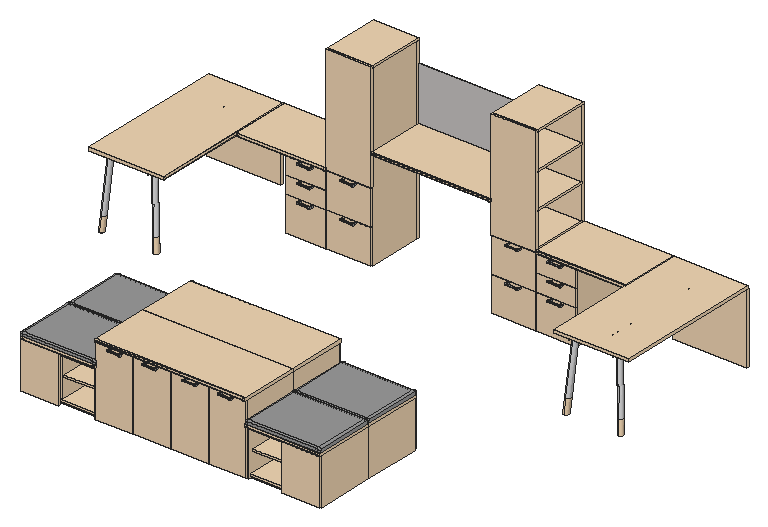
Revit family "JSI-Vision-Typical_Laminate-VST110", category Furniture, Revit 2020 (continued)
Definition of nested family "JSI-Vision-Modular_Door_Pedestal"
  Forms (in)
    Extrusion 8, solid, material <- "Chassis"
      sketch origin (15.815, -23.25, 48) x (0, 1, 0) y (0, 0, 1)
        loop
          line (5.25, -46.8125) -> (22.8125, -46.8125) -> (22.8125, -46.0625) -> (5.25, -46.0625) -> (5.25, -46.8125)
      from -14.94 to 13.31
    Extrusion 9, solid, material <- "Chassis"
      sketch origin (15.815, -23.25, 48) x (0, 1, 0) y (0, 0, 1)
        loop
          line (6.8125, -32.64469) -> (6.8125, -33.39469) -> (22.8125, -33.39469) -> (22.8125, -32.64469) -> (6.8125, -32.64469)
      from -14.94 to 13.31
  Lines and regions (in)
    symbolic lines
      curve 1: line (0.125, -0.1875, 0) -> (0.125, -18.875, 0)
      curve 2: line (0.125, -18.875, 0) -> (0.875, -18.875, 0)
      curve 3: line (0.875, -18.875, 0) -> (0.875, -0.1875, 0)
      curve 4: line (29.875, -0.1875, 0) -> (29.875, -18.875, 0)
      curve 5: line (29.875, -18.875, 0) -> (29.125, -18.875, 0)
      curve 6: line (29.125, -18.875, 0) -> (29.125, -0.1875, 0)
      curve 7: line (0.875, -9.61516, 0) -> (29.125, -9.61516, 0)
      curve 8: line (0.875, -14.61516, 0) -> (29.125, -14.61516, 0)
      curve 9: line (0.1875, -19, 0) -> (0.1875, -19.75, 0)
      curve 10: line (0.1875, -19.75, 0) -> (14.9375, -19.75, 0)
      curve 11: line (14.9375, -19.75, 0) -> (14.9375, -19, 0)
      curve 12: line (14.9375, -19, 0) -> (0.1875, -19, 0)
      curve 13: line (15.0625, -19, 0) -> (15.0625, -19.75, 0)
      curve 14: line (15.0625, -19.75, 0) -> (29.8125, -19.75, 0)
      curve 15: line (29.8125, -19.75, 0) -> (29.8125, -19, 0)
      curve 16: line (29.8125, -19, 0) -> (15.0625, -19, 0)
      curve 17: line (0.875, -0.1875, 0) -> (0.125, -0.1875, 0)
      curve 18: line (29.875, -0.1875, 0) -> (29.125, -0.1875, 0)
      curve 19: line (29.125, -0.1875, 0) -> (0.875, -0.1875, 0)
      curve 20: line (0.875, -0.4375, 0) -> (29.125, -0.4375, 0)
  Dimensions and locks (in)
    "Width": plane 3 "Center Left/Right" to plane 5
    plane 3 "Center Left/Right" to plane 6 to plane 7 = 1/8" locked, 3/4" locked
    plane 10 to plane 9 to plane 1 "Center Front/Back" = 3/4" locked, 3/16" locked
    equal spacing: plane 3 "Center Left/Right", plane 11, plane 5
    plane 5 to plane 13 to plane 14 = 1/8" locked, 3/4" locked
    equal spacing: plane 7, plane 17, plane 16
    "Height": level to plane 12
    plane 24 to plane 23 to plane 25 to plane 27 to plane 26 = 5" locked, 4.25984" locked, 1/8" locked, 3/4" locked
    "Depth": plane 1 "Center Front/Back" to plane 28
    locked: plane 26 to plane 28 at 0.25
    equal spacing: plane 11, plane 20, plane 14
    plane 16 to plane 11 to plane 21 = 1/16" locked, 1/16" locked
    locked: plane 6 to plane 15 at 0.0625
    locked: plane 29 to plane 13 at 0.0625
    Extrusion 2 sketch curve to Extrusion 2 sketch curve to plane 27 = 3/4" locked, 1/4" locked
    locked: plane 4 to Extrusion 2 sketch curve at 1.875
    locked: plane 9 to Extrusion 7 sketch curve at 0.25
    plane 4 to Extrusion 8 sketch curve to Extrusion 8 sketch curve = 1 3/16" locked, 3/4" locked
    locked: Extrusion 8 sketch curve to plane 27 at 1
    locked: plane 9 to Extrusion 8 sketch curve at 0.25
    plane 19 to plane 18 to plane 12 = 0.74398" locked, 0.13805" locked
    locked: plane 10 to Extrusion 9 sketch curve at 15.5
    Extrusion 9 sketch curve to Extrusion 9 sketch curve to plane 4 = 3/4" locked, 14.60531" locked
    locked: plane 1 "Center Front/Back" to Extrusion 9 sketch curve at 0.4375
    aligned and locked: level to plane 2
    aligned and locked: plane 7 to Extrusion 1
    aligned and locked: Extrusion 3 to plane 14
    aligned and locked: Extrusion 2 to plane 7
    aligned and locked: Extrusion 2 to plane 14
    aligned and locked: plane 15 to Extrusion 4
    aligned and locked: Extrusion 4 to plane 16
    aligned and locked: nested 1 to plane 19
    aligned and locked: nested 1 to plane 17
    aligned and locked: nested 2 to plane 11
    aligned and locked: Extrusion 5 sketch curve to plane 18
    aligned and locked: plane 24 to Extrusion 5 sketch curve
    aligned and locked: Extrusion 5 sketch curve to plane 22
    aligned and locked: Extrusion 5 sketch curve to plane 23
    aligned and locked: Extrusion 5 to plane 7
    aligned and locked: Extrusion 5 to plane 14
    aligned and locked: plane 27 to Extrusion 4
    aligned and locked: Extrusion 4 to plane 26
    aligned and locked: plane 20 to nested 3
    aligned and locked: plane 19 to nested 3
    aligned and locked: Extrusion 6 to plane 26
    aligned and locked: plane 27 to Extrusion 6
    aligned and locked: plane 16 to Extrusion 4  (x3)
    aligned and locked: Extrusion 6 to plane 21
    aligned and locked: plane 21 to Extrusion 6  (x2)
    aligned and locked: Extrusion 4 to plane 15  (x2)
    aligned and locked: nested 1 to plane 26
    aligned and locked: plane 26 to nested 3
    aligned and locked: nested 3 to plane 26
    aligned and locked: curve 7 to Extrusion 5
    aligned and locked: curve 8 to Extrusion 5
    aligned and locked: nested 2 to plane 26
    aligned and locked: Extrusion 4 to plane 18
    aligned and locked: Extrusion 6 to plane 18
    aligned and locked: Extrusion 6 to plane 29
    aligned and locked: curve 13 to plane 21
    aligned and locked: curve 11 to plane 16
    aligned and locked: plane 4 to Extrusion 2 sketch curve
    aligned and locked: plane 9 to Extrusion 1
    aligned and locked: plane 9 to Extrusion 3
    aligned and locked: curve 6 to Extrusion 3
    aligned and locked: curve 17 to Extrusion 1
    aligned and locked: curve 18 to Extrusion 3
    aligned and locked: Extrusion 7 sketch curve to plane 9
    aligned and locked: plane 12 to Extrusion 7 sketch curve
    aligned and locked: plane 2 to Extrusion 7 sketch curve
    aligned and locked: Extrusion 7 to plane 7
    aligned and locked: Extrusion 7 to plane 14
    aligned and locked: curve 19 to Extrusion 7
    aligned and locked: curve 20 to Extrusion 7
    aligned and locked: Extrusion 8 to plane 7
    aligned and locked: Extrusion 8 to plane 14
    aligned and locked: Extrusion 9 to plane 7
    aligned and locked: Extrusion 9 to plane 14
  Automatic sketch dimensions
    plane 12 to Extrusion 1 sketch curve = 0"
    Extrusion 1 sketch curve to plane 25 = 0"
    Extrusion 1 sketch curve to level = 0"
    plane 10 to Extrusion 1 sketch curve = 3/4"
    plane 12 to Extrusion 3 sketch curve = 0"
    Extrusion 3 sketch curve to plane 25 = 0"
    Extrusion 3 sketch curve to level = 0"
    Extrusion 3 sketch curve to plane 10 = 3/4"
    Extrusion 4 sketch curve to plane 26 = 0"
    Extrusion 4 sketch curve to plane 27 = 0"
    level to Extrusion 4 sketch curve = 1/8"
    Extrusion 6 sketch curve to plane 26 = 0"
    Extrusion 6 sketch curve to plane 27 = 0"
    level to Extrusion 6 sketch curve = 1/8"
    plane 22 to Extrusion 4 sketch curve = 0.67445"
    plane 22 to Extrusion 6 sketch curve = 0.67445"
    Extrusion 1 sketch curve to Extrusion 1 sketch curve = 1.5756"
    plane 10 to Extrusion 3 sketch curve = 0.69082"
    curve 1 to plane 6 = 0"
    curve 12 to plane 15 = 0"
    curve 3 to plane 7 = 0"
    curve 16 to plane 27 = 0"
    curve 16 to plane 29 = 0"
    curve 5 to plane 25 = 0"
    curve 9 to plane 26 = 0"
    curve 15 to plane 26 = 0"
    curve 12 to plane 27 = 0"
    curve 1 to plane 25 = 0"
    curve 5 to plane 13 = 0"
  Nested families (in)
    nested 1: "Bar Pull" at (7.90625, -19.75, 27.11797), Pull Finish <- "Pull Finish", type "PL"
      with Pull Finish none
    nested 2: "Label 1-16" at (15, -19.75, 0), type "DRWCFG"
    nested 3: "Bar Pull" at (22.0625, -19.75, 27.11797) x (-1, 0, 0) z (0, 0, 1), Pull Finish <- "Pull Finish", type "PL"
      with Pull Finish none
  Definition of nested family "Bar Pull"
    Parameters
      Pull Finish [instance] = none
      Default Elevation = 0"
    Reference planes (in)
      plane 1 "Center Front/Back": y = 0
      plane 2: z = 0
      plane 3 "Center Left/Right": x = 0
      plane 4: x = -2.68731
      plane 5: x = -1.88731
      plane 6: x = 2.68731
      plane 7: x = 1.88731
      plane 8: y = -1
      plane 9: y = -0.85202
    Forms (in)
      Extrusion 1, solid, material <- "Pull Finish"
        sketch origin (0, 0, 0) x (0, 1, 0) y (0, 0, 1)
          loop
            line (0, -0.2015) -> (0, 0.2015) -> (-0.85202, 0.2015)
            arc (-0.85202, 0.2015) -> (-0.75, 0) -> (-0.85202, -0.2015) r 0.25
            line (-0.85202, -0.2015) -> (0, -0.2015)
        from 1.88731 to 2.68731
      Extrusion 2, solid, material <- "Pull Finish"
        sketch origin (0, 0, 0) x (0, 1, 0) y (0, 0, 1)
          loop
            circle (-1, 0) r 0.25
        from -2.68731 to 2.68731
      Extrusion 3, solid, material <- "Pull Finish"
        sketch origin (0, 0, 0) x (0, 1, 0) y (0, 0, -1)
          loop
            line (0, 0.2015) -> (-0.85202, 0.2015)
            arc (-0.85202, 0.2015) -> (-0.75, 0) -> (-0.85202, -0.2015) r 0.25
            line (-0.85202, -0.2015) -> (0, -0.2015) -> (0, 0.2015)
        from 1.88731 to 2.68731
    Dimensions and locks (in)
      plane 4 to plane 5 to plane 3 "Center Left/Right" to plane 7 to plane 6 = 0.8" locked, 1.88731" locked, 1.88731" locked, 0.8" locked
      plane 8 to plane 9 to plane 1 "Center Front/Back" = 0.14798" locked, 0.85202" locked
      aligned and locked: level to plane 2
      aligned and locked: plane 4 to Extrusion 3
      aligned and locked: Extrusion 3 to plane 5
      aligned and locked: plane 4 to Extrusion 2
      aligned and locked: Extrusion 1 to plane 7
      aligned and locked: plane 6 to Extrusion 1
      aligned and locked: plane 6 to Extrusion 2
      aligned and locked: plane 8 to Extrusion 2 sketch curve
      aligned and locked: Extrusion 3 to plane 1 "Center Front/Back"
      aligned and locked: Extrusion 1 to plane 1 "Center Front/Back"
      aligned and locked: plane 5 to Extrusion 3
      aligned and locked: Extrusion 3 to plane 4
      aligned and locked: Extrusion 2 to plane 4
      aligned and locked: plane 7 to Extrusion 1
      aligned and locked: Extrusion 1 to plane 6
      aligned and locked: Extrusion 2 to plane 6
  Definition of nested family "Label 1-16"
    Parameters
      Width = 1"
      Model Name = "2 Drw - 2 Drs"
    Reference planes (in)
      plane 1: y = 0
      plane 2: x = 0
    Text (in)
      label "XX" at (0.00051, -0.12324, 0), shows "Model Name"
Definition of nested family "JSI-Vision-Rectangle_Desk_Top"
  Parameters (values of type "Type Catalog")
    Worksurface = none
    Width = 42"
    URL = "www.jsifurniture.com"
    Type Comments = ""
    Series = "Vision Casegoods"  # constant formula
    Model = "Type Catalog"
    Material = ""
    Manufacturer = "JSI"  # constant formula
    Keynote = "12500"
    JSI Enviromental Website = "http://www.jsifurniture.com/jsi_sustainability_intro.php"
    Height = 30"
    Description = "Type Catalog"
    Depth = 30"
    Default Elevation = 0"
    Assembly Code = "E2020200"
  Reference planes (in)
    plane 1 "Center Front/Back": y = 0
    plane 2: z = 0
    plane 3 "Center Left/Right": x = 0
    plane 4: z = 0
    plane 5: x = 42
    plane 6: y = -30
    plane 7: z = 31.1875
    plane 8: z = 30
  Forms (in)
    Extrusion 1, solid, material <- "Worksurface"
      sketch origin (0, 0, 28) x (0, 1, 0) y (0, 0, 1)
        loop
          line (-29.88189, 2) -> (0, 2) -> (0, 3.1875) -> (-29.88189, 3.1875)
          arc (-29.88189, 3.1875) -> (-29.96541, 3.15291) -> (-30, 3.06939) r 0.11811
          line (-30, 3.06939) -> (-30, 2.11811)
          arc (-30, 2.11811) -> (-29.96541, 2.03459) -> (-29.88189, 2) r 0.11811
      from 0 to 42
  Lines and regions (in)
    symbolic lines
      curve 1: line (0, 0, 0) -> (42, 0, 0)
      curve 2: line (0, -30, 0) -> (0, 0, 0)
      curve 3: line (42, -30, 0) -> (0, -30, 0)
      curve 4: line (42, 0, 0) -> (42, -30, 0)
  Dimensions and locks (in)
    "Depth": plane 6 to plane 1 "Center Front/Back"
    "Width": plane 5 to plane 3 "Center Left/Right"
    locked: plane 7 to plane 8 at 1.1875
    "Height": plane 8 to level
    aligned and locked: level to plane 2
    aligned and locked: plane 5 to Extrusion 1
    aligned and locked: curve 1 to Extrusion 1
    aligned and locked: curve 2 to Extrusion 1
    aligned and locked: plane 6 to curve 3
    aligned and locked: curve 4 to plane 5
    aligned and locked: Extrusion 1 to plane 8
    aligned and locked: Extrusion 1 to plane 7
  Automatic sketch dimensions
    Extrusion 1 sketch curve to plane 6 = 0"
    level to Extrusion 1 sketch curve = 30"
    Extrusion 1 sketch curve to plane 7 = 0"
    Extrusion 1 sketch curve to plane 1 "Center Front/Back" = 0"
    Extrusion 1 sketch curve to Extrusion 1 sketch curve = 0.11811"
    plane 6 to Extrusion 1 sketch curve = 0.11811"
Definition of nested family "JSI-Vision-Sliding_Door_Modular_Bench_Pedestal"
  Parameters (values of type "Type Catalog")
    Width = 30"
    URL = "www.jsifurniture.com"
    Top = none
    Tag = "DOOR"
    Series = "Vision Casegoods"  # constant formula
    Model = "Type Catalog"
    Manufacturer = "JSI"  # constant formula
    Keynote = "12500"
    JSI Enviromental Website = "http://www.jsifurniture.com/jsi_sustainability_intro.php"
    Height = 18 3/4"
    Door Front = none
    Description = "Type Catalog"
    Depth = 18"
    Default Elevation = 0"
    Chassis = none
    Assembly Code = "E2020200"
  Reference planes (in)
    plane 1 "Center Front/Back": y = 0
    plane 2: z = 0
    plane 3 "Center Left/Right": x = 0
    plane 4: x = 30
    plane 5: x = 0.18716
    plane 6: x = 29.81244
    plane 7: z = 10.33219
    plane 8: x = 0.75
    plane 9: x = 29.126
    plane 10: y = -0.8125
    plane 11: y = -17.25
    plane 12: x = 15
    plane 13: z = 18.75
    plane 14: z = 18.6409
    plane 15: z = 9.58219
    plane 16: z = 1.9375
    plane 17: z = 1.1875
    plane 18: y = -17
    plane 19: y = -18
    plane 20: x = 14.625
    plane 21: x = 15.375
    plane 22: y = -16.125
    plane 23: y = -15.1875
    plane 24: y = -15.9375
    plane 25: z = 1
    plane 26: z = 18
  Forms (in)
    Extrusion 1, solid, material <- "Chassis"
      sketch origin (0.125, -0.1875, 48) x (0, 1, 0) y (0, 0, 1)
        loop
          line (0.1875, -29.25) -> (-17.0625, -29.25) -> (-17.0625, -48) -> (0.1875, -48) -> (0.1875, -29.25)
      from -0.125 to 0.625
    Extrusion 2, solid, material <- "Chassis"
      sketch origin (29.875, -0.1875, 48) x (0, 1, 0) y (0, 0, 1)
        loop
          line (0.1875, -29.25) -> (-17.0625, -29.25) -> (-17.0625, -48) -> (0.1875, -48) -> (0.1875, -29.25)
      from -0.749 to 0.125
    Extrusion 3, solid, material <- "Chassis"
      sketch origin (0, 0, 0) x (1, 0, 0) y (0, 1, 0)
        loop
          line (0.75, -15.1875) -> (0.75, -15.9375) -> (29.126, -15.9375) -> (29.126, -15.1875) -> (0.75, -15.1875)
      from 0 to 1.1875
    Extrusion 4, solid, material <- "Chassis"
      sketch origin (0, 0, 0) x (0, 1, 0) y (0, 0, 1)
        loop
          line (0, 18) -> (0, 18.75) -> (-17.25, 18.75) -> (-17.25, 18) -> (0, 18)
        loop
          line (0, 1.1875) -> (0, 1.9375) -> (-17, 1.9375) -> (-17, 1.1875) -> (0, 1.1875)
      from 0.75 to 29.126
    Extrusion 5, solid, material <- "Door Front"
      sketch origin (0, 0, 0) x (0, 1, 0) y (0, 0, 1)
        loop
          line (-17.25, 18.6409) -> (-18, 18.6409) -> (-18, 0.25) -> (-17.25, 0.25) -> (-17.25, 18.6409)
      from 0.18716 to 15.375
    Extrusion 6, solid, material <- "Chassis"
      sketch origin (0, 0, 0) x (0, 1, 0) y (0, 0, 1)
        loop
          line (-0.25, 9.58219) -> (-0.25, 10.33219) -> (-15.75, 10.33219) -> (-15.75, 9.58219) -> (-0.25, 9.58219)
      from 0.75 to 14.625
    Extrusion 7, solid, material <- "Chassis"
      sketch origin (0, 0, 0) x (0, 1, 0) y (0, 0, 1)
        loop
          line (0, 18) -> (-16.125, 18) -> (-16.125, 1.9375) -> (0, 1.9375) -> (0, 18)
      from 14.625 to 15.375
    Extrusion 8, solid, material <- "Chassis"
      sketch origin (30, 0, 0) x (0, 1, 0) y (0, 0, -1)
        loop
          line (-0.25, -9.58219) -> (-15.75, -9.58219) -> (-15.75, -10.33219) -> (-0.25, -10.33219) -> (-0.25, -9.58219)
      from 0.874 to 14.625
    Extrusion 9, solid, material <- "Chassis"
      sketch origin (0, 0, 0) x (1, 0, 0) y (0, 1, 0)
        loop
          line (0.75, 0) -> (0.75, -0.25) -> (14.625, -0.25) -> (14.625, 0) -> (0.75, 0)
        loop
          line (15.375, 0) -> (15.375, -0.25) -> (29.126, -0.25) -> (29.126, 0) -> (15.375, 0)
      from 1.9375 to 18
  Lines and regions (in)
    symbolic lines
      curve 1: line (0, 0, 0) -> (30, 0, 0)
      curve 2: line (0, -17.875, 0) -> (0, 0, 0)
      curve 3: line (30, -17.875, 0) -> (0, -17.875, 0)
      curve 4: line (30, 0, 0) -> (30, -17.875, 0)
  Dimensions and locks (in)
    plane 9 to plane 6 to plane 4 = 0.68644" locked, 0.18756" locked
    plane 3 "Center Left/Right" to plane 5 to plane 8 = 0.18716" locked, 0.56284" locked
    "Width": plane 3 "Center Left/Right" to plane 4
    equal spacing: plane 3 "Center Left/Right", plane 12, plane 4
    locked: plane 1 "Center Front/Back" to plane 10 at 0.8125
    plane 16 to plane 17 to level = 3/4" locked, 1 3/16" locked
    "Depth": plane 1 "Center Front/Back" to plane 19
    locked: plane 25 to level at 1
    locked: Extrusion 6 sketch curve to plane 22 at 0.375
    plane 20 to plane 12 to plane 21 = 3/8" locked, 3/8" locked
    plane 23 to plane 24 to plane 22 to plane 18 to plane 11 to plane 19 = 3/4" locked, 3/16" locked, 7/8" locked, 1/4" locked, 3/4" locked
    locked: plane 13 to plane 26 at 0.75
    locked: plane 14 to plane 13 at 0.1091
    "Height": plane 13 to level
    locked: Extrusion 5 sketch curve to plane 2 at 0.25
    locked: plane 1 "Center Front/Back" to Extrusion 9 sketch curve at 0.25  (x2)
    aligned and locked: level to plane 2
    aligned and locked: Extrusion 1 sketch curve to level
    aligned and locked: level to Extrusion 2 sketch curve
    aligned and locked: plane 8 to Extrusion 3 sketch curve
    aligned and locked: nested 1 to plane 12
    aligned and locked: plane 3 "Center Left/Right" to curve 2
    aligned and locked: plane 1 "Center Front/Back" to curve 1
    aligned and locked: curve 4 to plane 4
    aligned and locked: plane 13 to Extrusion 4 sketch curve
    aligned and locked: Extrusion 4 sketch curve to plane 11
    aligned and locked: plane 16 to Extrusion 4 sketch curve
    aligned and locked: Extrusion 4 sketch curve to plane 17
    aligned and locked: nested 1 to plane 19
    aligned and locked: plane 17 to Extrusion 3
    aligned and locked: plane 23 to Extrusion 3
    aligned and locked: Extrusion 3 to plane 24
    aligned and locked: Extrusion 5 sketch curve to plane 14
    aligned and locked: plane 11 to Extrusion 5 sketch curve
    aligned and locked: Extrusion 5 sketch curve to plane 19
    aligned and locked: plane 21 to Extrusion 5
    aligned and locked: plane 5 to Extrusion 5
    aligned and locked: plane 7 to Extrusion 6 sketch curve
    aligned and locked: Extrusion 6 sketch curve to plane 15
    aligned and locked: plane 16 to Extrusion 7 sketch curve
    aligned and locked: plane 22 to Extrusion 7 sketch curve
    aligned and locked: Extrusion 8 to plane 21
    aligned and locked: plane 7 to Extrusion 8
    aligned and locked: Extrusion 8 to plane 15
    aligned and locked: plane 9 to Extrusion 8
    aligned and locked: Extrusion 1 to plane 1 "Center Front/Back"
    aligned and locked: Extrusion 2 to plane 1 "Center Front/Back"
    aligned and locked: Extrusion 4 to plane 1 "Center Front/Back"
    aligned and locked: Extrusion 7 to plane 1 "Center Front/Back"
    aligned and locked: plane 8 to Extrusion 9 sketch curve
    aligned and locked: plane 20 to Extrusion 9 sketch curve
    aligned and locked: plane 1 "Center Front/Back" to Extrusion 9 sketch curve  (x2)
    aligned and locked: plane 21 to Extrusion 9 sketch curve
    aligned and locked: Extrusion 9 sketch curve to plane 9
    aligned and locked: plane 26 to Extrusion 9
    aligned and locked: Extrusion 9 to plane 16
    aligned and locked: Extrusion 6 to Extrusion 9
    aligned and locked: Extrusion 8 to Extrusion 9
  Automatic sketch dimensions
    plane 19 to curve 4 = 1/8"
    Extrusion 1 sketch curve to plane 11 = 0"
    Extrusion 1 sketch curve to plane 13 = 0"
    Extrusion 2 sketch curve to plane 11 = 0"
    Extrusion 2 sketch curve to plane 13 = 0"
    Extrusion 3 sketch curve to plane 9 = 0"
    Extrusion 3 sketch curve to plane 24 = 0"
    Extrusion 3 sketch curve to plane 23 = 0"
    plane 15 to Extrusion 8 sketch curve = 0"
    Extrusion 8 sketch curve to plane 7 = 0"
    plane 10 to Extrusion 8 sketch curve = 9/16"
    plane 24 to Extrusion 8 sketch curve = 3/16"
    plane 26 to Extrusion 7 sketch curve = 0"
    plane 10 to Extrusion 1 sketch curve = 13/16"
    plane 10 to Extrusion 2 sketch curve = 13/16"
    Extrusion 4 sketch curve to plane 18 = 0"
    Extrusion 4 sketch curve to plane 26 = 0"
    plane 10 to Extrusion 4 sketch curve = 13/16"  (x2)
    plane 10 to Extrusion 7 sketch curve = 13/16"
    plane 10 to Extrusion 6 sketch curve = 9/16"
  Nested families (in)
    nested 1: "Label 1-16" at (15, -18, 0), type "DRWCFG"
  Definition of nested family "Label 1-16"
    Parameters
      Width = 1"
      Model Name = "DOOR"
    Reference planes (in)
      plane 1: y = 0
      plane 2: x = 0
    Text (in)
      label "XX" at (0.00051, -0.12324, 0), shows "Model Name"
Definition of nested family "JSI-Vision_Modular_Bridge_Top"
  Parameters (values of type "Type Catalog")
    Worksurface = none
    Width = 36"
    URL = "www.jsifurniture.com"
    Type Comments = ""
    Series = "Vision Casegoods"  # constant formula
    Model = "Type Catalog"
    Material = ""
    Manufacturer = "JSI"  # constant formula
    Keynote = "12500"
    JSI Enviromental Website = "http://www.jsifurniture.com/jsi_sustainability_intro.php"
    Height = 30"
    Grommet Finish = none
    Description = "Type Catalog"
    Depth = 20"
    Default Elevation = 0"
    Assembly Code = "E2020200"
  Reference planes (in)
    plane 1: z = 0
    plane 2 "Center (Left/Right)": x = -36.06413
    plane 3: z = 30
    plane 4: z = 28.8125
    plane 5: y = -9.25
    plane 6 "Center (Front/Back)": y = 10.75
    plane 7: x = -18.06413
    plane 8: x = -0.06413
    plane 9: y = 7.8125
  Forms (in)
    Extrusion 1, solid, material <- "Worksurface"
      sketch origin (-36.06413, 0, 0) x (0, 1, 0) y (0, 0, 1)
        loop
          line (10.75, 28.8125) -> (10.75, 30) -> (-9.125, 30)
          arc (-9.125, 30) -> (-9.21339, 29.96339) -> (-9.25, 29.875) r 0.125
          line (-9.25, 29.875) -> (-9.25, 28.9375)
          arc (-9.25, 28.9375) -> (-9.21339, 28.84911) -> (-9.125, 28.8125) r 0.125
          line (-9.125, 28.8125) -> (10.75, 28.8125)
      from 0 to 36
  Lines and regions (in)
    symbolic lines
      curve 1: line (-36.06413, 10.75, 0) -> (-36.06413, -9.25, 0)
      curve 2: line (-0.06413, 10.75, 0) -> (-36.06413, 10.75, 0)
      curve 3: line (-0.06413, -9.25, 0) -> (-0.06413, 10.75, 0)
      curve 4: line (-36.06413, -9.25, 0) -> (-0.06413, -9.25, 0)
  Dimensions and locks (in)
    "Height": plane 3 to level
    locked: plane 3 to plane 4 at 1.1875
    equal spacing: plane 2 "Center (Left/Right)", plane 7, plane 8
    "Width": plane 2 "Center (Left/Right)" to plane 8
    "Depth": plane 5 to plane 6 "Center (Front/Back)"
    locked: plane 6 "Center (Front/Back)" to plane 9 at 2.9375
    aligned and locked: level to plane 1
    aligned and locked: Extrusion 1 to plane 8
    aligned and locked: curve 1 to Extrusion 1
    aligned and locked: curve 2 to Extrusion 1
    aligned and locked: curve 3 to Extrusion 1
    aligned and locked: curve 4 to plane 5
  Automatic sketch dimensions
    Extrusion 1 sketch curve to plane 5 = 0"
    Extrusion 1 sketch curve to plane 3 = 0"
    Extrusion 1 sketch curve to plane 4 = 0"
    Extrusion 1 sketch curve to plane 6 "Center (Front/Back)" = 0"
    Extrusion 1 sketch curve to Extrusion 1 sketch curve = 1/8"
    plane 5 to Extrusion 1 sketch curve = 1/8"
    curve 1 to plane 2 "Center (Left/Right)" = 0"
    plane 6 "Center (Front/Back)" to curve 3 = 0"
    curve 4 to plane 8 = 0"
Definition of nested family "JSI-Vision-Bench_Height_Modular_Top"
  Parameters (values of type "Type Catalog")
    Worksurface = none
    Width = 42"
    URL = "www.jsifurniture.com"
    Type Comments = ""
    Series = "Vision Casegoods"  # constant formula
    Model = "Type Catalog"
    Material = ""
    Manufacturer = "JSI"  # constant formula
    Keynote = "12500"
    JSI Enviromental Website = "http://www.jsifurniture.com/jsi_sustainability_intro.php"
    Height = 19 1/2"
    Description = "Type Catalog"
    Depth = 30"
    Default Elevation = 0"
    Assembly Code = "E2020200"
  Reference planes (in)
    plane 1 "Center Front/Back": y = 0
    plane 2: z = 0
    plane 3 "Center Left/Right": x = 0
    plane 4: z = 0
    plane 5: x = 42
    plane 6: y = -30
    plane 7: z = 20.6875
    plane 8: z = 19.5
  Forms (in)
    Extrusion 1, solid, material <- "Worksurface"
      sketch origin (0, 0, 28) x (0, 1, 0) y (0, 0, 1)
        loop
          line (-29.88189, -8.5) -> (0, -8.5) -> (0, -7.3125) -> (-29.88189, -7.3125)
          arc (-29.88189, -7.3125) -> (-29.96541, -7.34709) -> (-30, -7.43061) r 0.11811
          line (-30, -7.43061) -> (-30, -8.38189)
          arc (-30, -8.38189) -> (-29.96541, -8.46541) -> (-29.88189, -8.5) r 0.11811
      from 0 to 42
  Lines and regions (in)
    symbolic lines
      curve 1: line (0, 0, 0) -> (42, 0, 0)
      curve 2: line (0, -30, 0) -> (0, 0, 0)
      curve 3: line (42, -30, 0) -> (0, -30, 0)
      curve 4: line (42, 0, 0) -> (42, -30, 0)
  Dimensions and locks (in)
    "Depth": plane 6 to plane 1 "Center Front/Back"
    "Width": plane 5 to plane 3 "Center Left/Right"
    locked: plane 7 to plane 8 at 1.1875
    "Height": plane 8 to level
    aligned and locked: level to plane 2
    aligned and locked: plane 5 to Extrusion 1
    aligned and locked: curve 1 to Extrusion 1
    aligned and locked: curve 2 to Extrusion 1
    aligned and locked: plane 6 to curve 3
    aligned and locked: curve 4 to plane 5
    aligned and locked: Extrusion 1 to plane 8
    aligned and locked: Extrusion 1 to plane 7
  Automatic sketch dimensions
    Extrusion 1 sketch curve to plane 6 = 0"
    level to Extrusion 1 sketch curve = 19 1/2"
    Extrusion 1 sketch curve to plane 7 = 0"
    Extrusion 1 sketch curve to plane 1 "Center Front/Back" = 0"
    Extrusion 1 sketch curve to Extrusion 1 sketch curve = 0.11811"
    plane 6 to Extrusion 1 sketch curve = 0.11811"
Definition of nested family "JSI-Vision-Wood_Dowel_Base"
  Parameters (values of type "VST0228MKL2, Wood Dowel Base 28"H")
    Width = 2"
    Upper Leg Finish = none
    URL = "www.jsifurniture.com"
    Type Comments = ""
    Support Finish = none
    Series = "Vision Casegoods"  # constant formula
    Model = "VST0228MKL2"
    Material = ""
    Manufacturer = "JSI"  # constant formula
    Low Leg Finish = none
    Keynote = "12500"  # constant formula
    JSI Enviromental Website = "http://www.jsifurniture.com/jsi_sustainability_intro.php"
    Height = 28 5/16"
    Glide Finish = none
    Description = "Wood Dowel Base - 2\"W x 2\"D x 28 5/16\"H"
    Depth = 2"
    Default Elevation = 0"
    Assembly Code = "E2020200"
  Types (2): name | Model
    VSV0228MKL2, Wood Dowel Base 28"H | "VSV0228MKL2"
    VST0228MKL2, Wood Dowel Base 28"H | "VST0228MKL2"
  Reference planes (in)
    plane 1 "Center Front/Back": y = 0
    plane 2: z = 0
    plane 3 "Center Left/Right": x = 0
    plane 4: z = 28.3125
    plane 5: z = 28.15375
    plane 6: z = 0.29528
    plane 7: through (-0.0332, 10.94291, 48) normal (0.7071, -0.7071, 0)
    plane 8: through (-0.0332, -10.94291, 48) normal (-0.7071, -0.7071, 0)
  Forms (in)
    Extrusion 1, solid, material <- "Support Finish"
      sketch origin (0, 0, 0) x (1, 0, 0) y (0, 1, 0)
        loop
          line (-2.24947, 12.19991) -> (-5.43145, 9.01793)
          arc (-5.43145, 9.01793) -> (-5.50467, 8.84115) -> (-5.43145, 8.66437) r 0.25
          line (-5.43145, 8.66437) -> (-2.24947, 5.48239)
          arc (-2.24947, 5.48239) -> (-2.07269, 5.40917) -> (-1.89591, 5.48239) r 0.25
          line (-1.89591, 5.48239) -> (1.28607, 8.66437)
          arc (1.28607, 8.66437) -> (1.35929, 8.84115) -> (1.28607, 9.01793) r 0.25
          line (1.28607, 9.01793) -> (-1.89591, 12.19991)
          arc (-1.89591, 12.19991) -> (-2.07269, 12.27313) -> (-2.24947, 12.19991) r 0.25
        loop
          line (-2.24947, -5.54509) -> (-5.43145, -8.72707)
          arc (-5.43145, -8.72707) -> (-5.50467, -8.90385) -> (-5.43145, -9.08063) r 0.25
          line (-5.43145, -9.08063) -> (-2.24947, -12.26261)
          arc (-2.24947, -12.26261) -> (-2.07269, -12.33583) -> (-1.89591, -12.26261) r 0.25
          line (-1.89591, -12.26261) -> (1.28607, -9.08063)
          arc (1.28607, -9.08063) -> (1.35929, -8.90385) -> (1.28607, -8.72707) r 0.25
          line (1.28607, -8.72707) -> (-1.89591, -5.54509)
          arc (-1.89591, -5.54509) -> (-2.07269, -5.47187) -> (-2.24947, -5.54509) r 0.25
      from 28.15375 to 28.3125
    Blend 2, solid, material <- "Low Leg Finish"
      base sketch origin (0, 0, 0) x (1, 0, 0) y (0, 1, 0)
        loop
          circle (-0.0332, 10.94291) r 1
      top sketch origin (0, 0, 0) x (1, 0, 0) y (0, 1, 0)
        loop
          circle (-0.47167, 10.50444) r 1
      from 0.379 to 6.16057
    Blend 3, solid, material <- "Upper Leg Finish"
      base sketch origin (0, 0, 0) x (1, 0, 0) y (0, 1, 0)
        loop
          circle (-0.47167, 10.50444) r 1
      top sketch origin (0, 0, 0) x (1, 0, 0) y (0, 1, 0)
        loop
          circle (-2.0724, 8.84122) r 1
      from 6.16057 to 28.15375
    Blend 4, solid, material <- "Low Leg Finish"
      base sketch origin (0, 0, 0) x (1, 0, 0) y (0, 1, 0)
        loop
          circle (-0.0332, -10.94291) r 1
      top sketch origin (0, 0, 0) x (1, 0, 0) y (0, 1, 0)
        loop
          circle (-0.47167, -10.50444) r 1
      from 0.379 to 6.16057
    Blend 5, solid, material <- "Upper Leg Finish"
      base sketch origin (0, 0, 0) x (1, 0, 0) y (0, 1, 0)
        loop
          circle (-0.47167, -10.50444) r 1
      top sketch origin (0, 0, 0) x (1, 0, 0) y (0, 1, 0)
        loop
          circle (-2.0724, -8.84122) r 1
      from 6.16057 to 28.15375
    Extrusion 6, solid, material <- "Glide Finish"
      sketch origin (0, 0, 0) x (1, 0, 0) y (0, 1, 0)
        loop
          circle (-0.03037, 10.94687) r 0.43404
        loop
          circle (-0.03037, -10.94687) r 0.43404
      from 0 to 0.29528
  Lines and regions (in)
    symbolic lines
      curve 1: line (-2.24947, 12.19991, 0) -> (-5.43145, 9.01793, 0)
      curve 2: arc (-5.43145, 9.01793, 0) -> (-5.50467, 8.84115, 0) -> (-5.43145, 8.66437, 0) r 0.25
      curve 3: line (-5.43145, 8.66437, 0) -> (-2.24947, 5.48239, 0)
      curve 4: arc (-2.24947, 5.48239, 0) -> (-2.07269, 5.40917, 0) -> (-1.89591, 5.48239, 0) r 0.25
      curve 5: line (-1.89591, 5.48239, 0) -> (1.28607, 8.66437, 0)
      curve 6: arc (1.28607, 8.66437, 0) -> (1.35929, 8.84115, 0) -> (1.28607, 9.01793, 0) r 0.25
      curve 7: line (1.28607, 9.01793, 0) -> (-1.89591, 12.19991, 0)
      curve 8: arc (-1.89591, 12.19991, 0) -> (-2.07269, 12.27313, 0) -> (-2.24947, 12.19991, 0) r 0.25
      curve 9: line (-2.24947, -5.54509, 0) -> (-5.43145, -8.72707, 0)
      curve 10: arc (-5.43145, -8.72707, 0) -> (-5.50467, -8.90385, 0) -> (-5.43145, -9.08063, 0) r 0.25
      curve 11: line (-5.43145, -9.08063, 0) -> (-2.24947, -12.26261, 0)
      curve 12: arc (-2.24947, -12.26261, 0) -> (-2.07269, -12.33583, 0) -> (-1.89591, -12.26261, 0) r 0.25
      curve 13: line (-1.89591, -12.26261, 0) -> (1.28607, -9.08063, 0)
      curve 14: arc (1.28607, -9.08063, 0) -> (1.35929, -8.90385, 0) -> (1.28607, -8.72707, 0) r 0.25
      curve 15: line (1.28607, -8.72707, 0) -> (-1.89591, -5.54509, 0)
      curve 16: arc (-1.89591, -5.54509, 0) -> (-2.07269, -5.47187, 0) -> (-2.24947, -5.54509, 0) r 0.25
      curve 17: arc (0.6739, -10.23581, 0) -> (0.6739, -11.65002, 0) -> (-0.74031, -11.65002, 0) r 1
      curve 18: line (0.6739, -10.23581, 0) -> (0.4024, -9.9643, 0)
      curve 19: arc (-0.74031, 11.65002, 0) -> (0.6739, 11.65002, 0) -> (0.6739, 10.23581, 0) r 1
      curve 20: line (-0.74031, 11.65002, 0) -> (-1.04317, 11.34716, 0)
  Dimensions and locks (in)
    "Height": plane 2 to plane 4
    locked: plane 5 to plane 4 at 0.15875
    locked: plane 2 to plane 6 at 0.29528
    aligned and locked: level to plane 2
    aligned and locked: Extrusion 1 to plane 4
    aligned and locked: plane 5 to Extrusion 1
    aligned and locked: Blend 3 to Blend 2
    aligned and locked: Blend 3 to plane 5
    aligned and locked: Blend 4 to Blend 5
    aligned and locked: Extrusion 6 to plane 6
    aligned and locked: Extrusion 6 to plane 2
    aligned and locked: curve 2 to Extrusion 1
    aligned and locked: curve 4 to Extrusion 1
    aligned and locked: curve 6 to Extrusion 1
    aligned and locked: curve 8 to Extrusion 1
    aligned and locked: curve 10 to Extrusion 1
    aligned and locked: curve 12 to Extrusion 1
    aligned and locked: curve 14 to Extrusion 1
    aligned and locked: curve 16 to Extrusion 1
  Automatic sketch dimensions
    Extrusion 1 sketch curve to plane 3 "Center Left/Right" = 5.43145"  (x2)
    Extrusion 1 sketch curve to Extrusion 1 sketch curve = 0"  (x2)
    Extrusion 1 sketch curve to Extrusion 1 sketch curve = 0.17678"  (x22)
    Extrusion 1 sketch curve to plane 3 "Center Left/Right" = 2.24947"  (x4)
    plane 3 "Center Left/Right" to Extrusion 1 sketch curve = 1.10929"  (x2)
    plane 1 "Center Front/Back" to Extrusion 1 sketch curve = 12.26261"
    Extrusion 1 sketch curve to Extrusion 1 sketch curve = 3.18198"  (x6)
    Extrusion 1 sketch curve to plane 1 "Center Front/Back" = 5.48239"
    Blend 2 sketch curve to plane 3 "Center Left/Right" = 0.0332"
    plane 7 to Blend 2 sketch curve = 0"
    Blend 2 sketch curve to plane 3 "Center Left/Right" = 0.47167"
    Blend 3 sketch curve to plane 3 "Center Left/Right" = 0.47167"
    Blend 3 sketch curve to plane 3 "Center Left/Right" = 2.0724"
    Blend 3 sketch curve to plane 1 "Center Front/Back" = 8.84122"
    plane 3 "Center Left/Right" to Blend 4 sketch curve = 0.0332"
    Blend 4 sketch curve to plane 1 "Center Front/Back" = 10.94291"
    Blend 4 sketch curve to plane 8 = 0"
    plane 3 "Center Left/Right" to Blend 4 sketch curve = 0.47167"
    Blend 5 sketch curve to plane 3 "Center Left/Right" = 0.47167"
    plane 1 "Center Front/Back" to Blend 5 sketch curve = 10.50444"
    plane 3 "Center Left/Right" to Blend 5 sketch curve = 2.0724"
    Blend 5 sketch curve to plane 1 "Center Front/Back" = 8.84122"
    Blend 2 sketch curve to plane 1 "Center Front/Back" = 10.94291"
    Blend 3 sketch curve to plane 1 "Center Front/Back" = 10.50444"
    Extrusion 6 sketch curve to plane 3 "Center Left/Right" = 0.03037"  (x2)
    plane 1 "Center Front/Back" to Extrusion 6 sketch curve = 10.94687"
    Extrusion 6 sketch curve to plane 1 "Center Front/Back" = 10.94687"
    curve 9 to curve 10 = 0.17678"
    curve 3 to curve 2 = 0.17678"
    curve 1 to curve 2 = 0.17678"
    curve 11 to curve 10 = 0.17678"
    curve 1 to curve 8 = 0.17678"
    curve 3 to curve 4 = 0.17678"
    curve 11 to curve 12 = 0.17678"
    curve 9 to curve 16 = 0.17678"
    curve 8 to curve 7 = 0.17678"
    curve 16 to curve 15 = 0.17678"
    curve 4 to curve 5 = 0.17678"
    curve 12 to curve 13 = 0.17678"
    curve 19 to plane 3 "Center Left/Right" = 0.0332"
    curve 17 to plane 3 "Center Left/Right" = 0.0332"
    plane 3 "Center Left/Right" to curve 18 = 0.6739"
    curve 6 to curve 7 = 0.17678"
    curve 6 to curve 5 = 0.17678"
    curve 14 to curve 15 = 0.17678"
    curve 14 to curve 13 = 0.17678"
    curve 17 to curve 14 = 1.86229"
    curve 17 to curve 18 = 0.70711"
    curve 20 to plane 3 "Center Left/Right" = 1.04317"
    curve 17 to plane 3 "Center Left/Right" = 0.74031"
    plane 3 "Center Left/Right" to curve 19 = 0.6739"
    curve 19 to curve 19 = 0.70711"
    curve 20 to curve 19 = 0.30286"
    radius of Blend 2 sketch curve = 1"  (x2)
    radius of Blend 3 sketch curve = 1"  (x2)
    radius of Blend 4 sketch curve = 1"  (x2)
    radius of Blend 5 sketch curve = 1"  (x2)
    radius of Extrusion 6 sketch curve = 0.43404"  (x2)
Definition of nested family "JSI-Vision-L_Bracket"
  Parameters (values of type "VSB-LBRKT-20, Matter Black L-Bracket 17"w")
    Width = 17"
    URL = "www.jsifurniture.com"
    Type Comments = ""
    Series = "Vision Casegoods"  # constant formula
    Model = "VSB-LBRKT-20"
    Material = ""
    Manufacturer = "JSI"  # constant formula
    Keynote = "12500"  # constant formula
    JSI Enviromental Website = "http://www.jsifurniture.com/jsi_sustainability_intro.php"
    Height = 1"
    Description = "Matter Black L-Bracket 17\"w"
    Depth = 1"
    Default Elevation = 0"
    Bracket Finish = none
    Assembly Code = "E2020200"
  Types (2): name | Width | Model | Description
    VSB-LBRKT-20, Matter Black L-Bracket 17"w | 17" | "VSB-LBRKT-20" | "Matter Black L-Bracket 17\"w"
    VSB-LBRKT-24, Matter Black L-Bracket 21"w | 21" | "VSB-LBRKT-24" | "Matter Black L-Bracket 21\"w"
  Reference planes (in)
    plane 1 "Center Front/Back": y = 0
    plane 2: z = 0
    plane 3 "Center Left/Right": x = 0
    plane 4: z = 0
    plane 5: z = 13.06627
    plane 6: x = 17
    plane 7: y = -1
    plane 8: z = 12.06627
  Forms (in)
    Extrusion 1, solid, material <- "Bracket Finish"
      sketch origin (0, 0, 0) x (0, 1, 0) y (0, 0, 1)
        loop
          line (0, 13.06627) -> (-1, 13.06627) -> (-1, 12.97252) -> (-0.09375, 12.97252) -> (-0.09375, 12.06627) -> (0, 12.06627) -> (0, 13.06627)
      from 0 to 17
  Lines and regions (in)
    symbolic lines
      curve 1: line (0, 0, 0) -> (17, 0, 0)
      curve 2: line (0, -1, 0) -> (0, 0, 0)
      curve 3: line (17, -1, 0) -> (0, -1, 0)
      curve 4: line (17, 0, 0) -> (17, -1, 0)
  Dimensions and locks (in)
    "Width": plane 3 "Center Left/Right" to plane 6
    "Depth": plane 1 "Center Front/Back" to plane 7
    locked: plane 5 to plane 8 at 1
    aligned and locked: level to plane 2
    aligned and locked: plane 4 to plane 2
    aligned and locked: Extrusion 1 to plane 3 "Center Left/Right"
    aligned and locked: plane 6 to Extrusion 1
    aligned and locked: plane 3 "Center Left/Right" to curve 2
    aligned and locked: curve 4 to plane 6
    aligned and locked: plane 1 "Center Front/Back" to curve 1
    aligned and locked: plane 7 to curve 3
  Automatic sketch dimensions
    Extrusion 1 sketch curve to plane 7 = 0"
    Extrusion 1 sketch curve to plane 1 "Center Front/Back" = 0"
    Extrusion 1 sketch curve to plane 8 = 0"
    Extrusion 1 sketch curve to plane 5 = 0"
    plane 1 "Center Front/Back" to Extrusion 1 sketch curve = 3/32"
    Extrusion 1 sketch curve to Extrusion 1 sketch curve = 3/32"
Definition of nested family "JSI-Vision-Support_Rail_Work_Surface"
  Parameters (values of type "GP0243SB, Metal Support Rail for Work Surface  2W 43 L 3/4H")
    Width = 43"
    URL = "www.jsifurniture.com"
    Type Comments = ""
    Series = "Vision Casegoods"  # constant formula
    Support Finish = none
    Model = "GP0243SB"
    Material = ""
    Manufacturer = "JSI"  # constant formula
    Keynote = "12500"  # constant formula
    JSI Enviromental Website = "http://www.jsifurniture.com/jsi_sustainability_intro.php"
    Height = 25/32"
    Description = "Metal Support Rail for Work Surface  2W 43 L 3/4H"
    Depth = 2"
    Default Elevation = 0"
    Assembly Code = "E2020200"
  Types (3): name | Width | Model | Description
    GP0243SB, Metal Support Rail for Work Surface  2W 43 L 3/4H | 43" | "GP0243SB" | "Metal Support Rail for Work Surface  2W 43 L 3/4H"
    GP0249SB, Metal Support Rail for Work Surface  2W49 L 3/4H | 49" | "GP0249SB" | "Metal Support Rail for Work Surface  2W49 L 3/4H"
    GP0255SB, Metal Support Rail for Work Surface  2W 55 L 3/4H | 55" | "GP0255SB" | "Metal Support Rail for Work Surface  2W 55 L 3/4H"
  Reference planes (in)
    plane 1 "Center Front/Back": y = 0
    plane 2: z = 0
    plane 3 "Center Left/Right": x = 0
    plane 4: z = 0
    plane 5: z = 27.81222
    plane 6: x = 43
    plane 7: y = -2
  Forms (in)
    Extrusion 1, solid, material <- "Support Finish"
      sketch origin (0, 0, 0) x (0, 1, 0) y (0, 0, 1)
        loop
          line (0, 27.74972) -> (0, 27.81222) -> (-0.53345, 27.81222) -> (-1, 27.11239) -> (-1.46655, 27.81222) -> (-2, 27.81222) -> (-2, 27.74972) -> (-1.5, 27.74972) -> (-1.04048, 27.06043)
          arc (-1.04048, 27.06043) -> (-1, 27.03877) -> (-0.95952, 27.06043) r 0.04865
          line (-0.95952, 27.06043) -> (-0.5, 27.74972) -> (0, 27.74972)
      from 0 to 43
  Lines and regions (in)
    symbolic lines
      curve 1: line (0, 0, 0) -> (43, 0, 0)
      curve 2: line (0, -2, 0) -> (0, 0, 0)
      curve 3: line (43, -2, 0) -> (0, -2, 0)
      curve 4: line (43, 0, 0) -> (43, -2, 0)
      curve 5: line (0, -1.46655, 0) -> (43, -1.46655, 0)
      curve 6: line (43, -0.53345, 0) -> (0, -0.53345, 0)
      curve 7: line (0, -1, 0) -> (43, -1, 0)
  Dimensions and locks (in)
    "Width": plane 3 "Center Left/Right" to plane 6
    "Depth": plane 1 "Center Front/Back" to plane 7
    aligned and locked: level to plane 2
    aligned and locked: plane 4 to plane 2
    aligned and locked: Extrusion 1 to plane 3 "Center Left/Right"
    aligned and locked: plane 6 to Extrusion 1
    aligned and locked: plane 3 "Center Left/Right" to curve 2
    aligned and locked: curve 4 to plane 6
    aligned and locked: plane 1 "Center Front/Back" to curve 1
    aligned and locked: plane 7 to curve 3
    aligned and locked: curve 5 to Extrusion 1
    aligned and locked: curve 6 to Extrusion 1
    aligned and locked: curve 7 to Extrusion 1
  Automatic sketch dimensions
    Extrusion 1 sketch curve to plane 7 = 0"
    Extrusion 1 sketch curve to plane 5 = 0"  (x2)
    Extrusion 1 sketch curve to plane 1 "Center Front/Back" = 0"
    Extrusion 1 sketch curve to plane 5 = 1/16"  (x2)
    Extrusion 1 sketch curve to Extrusion 1 sketch curve = 1/2"
    Extrusion 1 sketch curve to Extrusion 1 sketch curve = 0.03345"  (x2)
    Extrusion 1 sketch curve to Extrusion 1 sketch curve = 0.45952"
    Extrusion 1 sketch curve to Extrusion 1 sketch curve = 0.04048"  (x2)
    Extrusion 1 sketch curve to Extrusion 1 sketch curve = 0"
    Extrusion 1 sketch curve to Extrusion 1 sketch curve = 0.53345"
    Extrusion 1 sketch curve to plane 5 = 0.69983"
    Extrusion 1 sketch curve to Extrusion 1 sketch curve = 0.02498"
    Extrusion 1 sketch curve to Extrusion 1 sketch curve = 0.02698"
